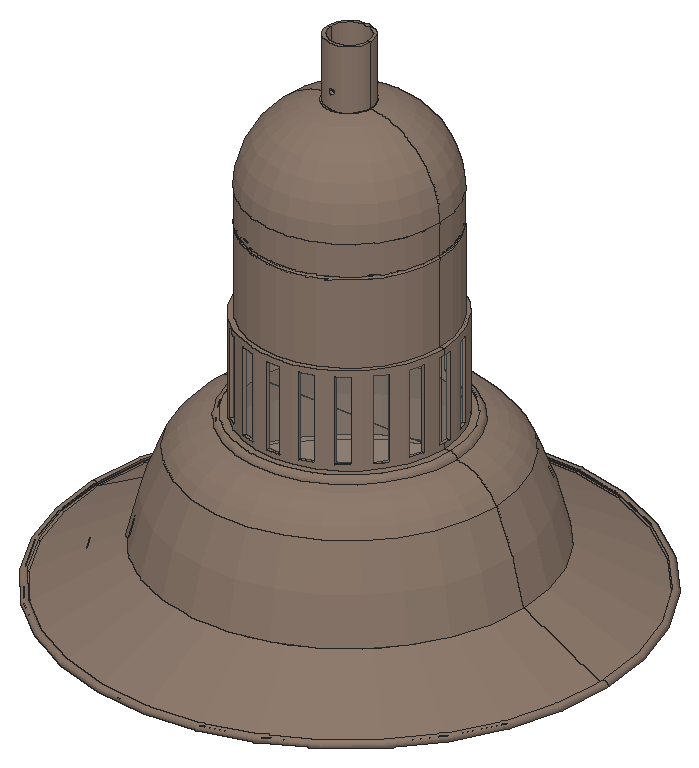
Revit family "BVB02-H", category Generic Models, Revit 2014
Parameters
  REFLECTIVE WHITE = Paint
  GLASS = Glass
  BELL = Bronze, Architectural
Reference planes (in)
  plane 1 "Center (Front/Back)": y = 0
  plane 2: z = 0
  plane 3 "Center (Left/Right)": x = 0
Forms (in)
  Revolve 1, solid, material "Bronze, Architectural" <- "BELL"
    sketch origin (0, 0, 0) x (1, 0, 0) y (0, 0, 1)
      loop
        line (-0.69, 20.44079) -> (-1.06695, 20.44079)
        arc (-1.06695, 20.44079) -> (-3.33816, 19.18833) -> (-4.24117, 16.75696) r 3.72474
        line (-4.24117, 16.75696) -> (-4.24117, 15.38747)
        arc (-4.24117, 15.38747) -> (-4.17741, 15.32371) -> (-4.24117, 15.25995) r 0.06376
        line (-4.24117, 15.25995) -> (-4.24117, 11.57876) -> (-4.11617, 11.57876) -> (-4.11617, 15.18227)
        arc (-4.11617, 15.18227) -> (-4.05241, 15.32371) -> (-4.11617, 15.46515) r 0.18876
        line (-4.11617, 15.46515) -> (-4.11617, 16.75696)
        arc (-4.11617, 16.75696) -> (-3.24646, 19.10325) -> (-1.05758, 20.31579) r 3.59974
        line (-1.05758, 20.31579) -> (-0.69, 20.31579) -> (-0.69, 20.44079)
      axis (0, 11.57876) -> (0, 20.44079)
    angle from 0 to 360
  Revolve 2, solid, material "Bronze, Architectural" <- "BELL"
    sketch origin (0, 0, 0) x (1, 0, 0) y (0, 0, 1)
      loop
        line (-0.875, 20.44079) -> (-0.875, 23.19192) -> (-1, 23.19192) -> (-1, 20.44079) -> (-0.875, 20.44079)
      axis (0, 23.19192) -> (0, 20.44079)
    angle from 0 to 360
  Extrusion 3, void
    sketch origin (0, 0, 0) x (1, 0, 0) y (0, 0, 1)
      loop
        circle (0, 21.19192) r 0.12446
    from -1.10012 to 1.11443
  Revolve 4, solid, material "Bronze, Architectural" <- "BELL"
    sketch origin (0, 0, 0) x (1, 0, 0) y (0, 0, 1)
      loop
        line (4.11617, 11.57876) -> (4.11617, 11.45376) -> (4.318, 11.45376) -> (4.318, 7.2717) -> (4.75437, 7.2717)
        arc (4.75437, 7.2717) -> (4.87736, 7.18264) -> (4.83112, 7.03801) r 0.12945
        arc (4.83112, 7.03801) -> (5.95397, 6.64895) -> (6.76132, 5.77696) r 2.44805
        arc (6.76132, 5.77696) -> (7.53656, 3.9065) -> (8.03943, 1.94519) r 14.27815
        line (8.03943, 1.94519) -> (11.69205, 0.02862)
        arc (11.69205, 0.02862) -> (11.78465, 0.00274) -> (11.87943, -0.01337) r 0.92235
        arc (11.87943, -0.01337) -> (12.04987, 0.18741) -> (11.79894, 0.26736) r 0.15823
        line (11.79894, 0.26736) -> (11.87702, 0.16974)
        arc (11.87702, 0.16974) -> (11.92971, 0.15295) -> (11.89392, 0.11079) r 0.03323
        arc (11.89392, 0.11079) -> (11.81665, 0.12368) -> (11.74102, 0.14409) r 0.79735
        line (11.74102, 0.14409) -> (8.15134, 2.02763)
        arc (8.15134, 2.02763) -> (7.64507, 3.97612) -> (6.87206, 5.83499) r 14.40315
        arc (6.87206, 5.83499) -> (6.09285, 6.70585) -> (5.00882, 7.14225) r 2.57305
        arc (5.00882, 7.14225) -> (4.93429, 7.32217) -> (4.75437, 7.3967) r 0.25445
        line (4.75437, 7.3967) -> (4.443, 7.3967) -> (4.443, 11.57876) -> (4.11617, 11.57876)
      axis (0, 11.57876) -> (0, -0.01337)
    angle from 0 to 360
  Extrusion 5, void
    sketch origin (0, 0, 0) x (1, 0, 0) y (0, 0, 1)
      loop
        line (0.3125, 11.32069) -> (-0.3125, 11.32069) -> (-0.3125, 7.63925) -> (0.3125, 7.63925) -> (0.3125, 11.32069)
    from 4.19823 to 4.54183
  Extrusion 6, void
    sketch origin (0, 0, 0) x (-1, 0, 0) y (0, 0, 1)
      loop
        line (0.3125, 11.32069) -> (-0.3125, 11.32069) -> (-0.3125, 7.63925) -> (0.3125, 7.63925) -> (0.3125, 11.32069)
    from 4.19823 to 4.54183
  Extrusion 7, void
    sketch origin (0, 0, 0) x (0.951057, 0.309017, 0) y (0, 0, 1)
      loop
        line (0.3125, 11.32069) -> (-0.3125, 11.32069) -> (-0.3125, 7.63925) -> (0.3125, 7.63925) -> (0.3125, 11.32069)
    from 4.19823 to 4.54183
  Extrusion 8, void
    sketch origin (0, 0, 0) x (-0.951057, -0.309017, 0) y (0, 0, 1)
      loop
        line (0.3125, 11.32069) -> (-0.3125, 11.32069) -> (-0.3125, 7.63925) -> (0.3125, 7.63925) -> (0.3125, 11.32069)
    from 4.19823 to 4.54183
  Extrusion 9, void
    sketch origin (0, 0, 0) x (0.809017, 0.587785, 0) y (0, 0, 1)
      loop
        line (0.3125, 11.32069) -> (-0.3125, 11.32069) -> (-0.3125, 7.63925) -> (0.3125, 7.63925) -> (0.3125, 11.32069)
    from 4.19823 to 4.54183
  Extrusion 10, void
    sketch origin (0, 0, 0) x (-0.809017, -0.587785, 0) y (0, 0, 1)
      loop
        line (0.3125, 11.32069) -> (-0.3125, 11.32069) -> (-0.3125, 7.63925) -> (0.3125, 7.63925) -> (0.3125, 11.32069)
    from 4.19823 to 4.54183
  Extrusion 11, void
    sketch origin (0, 0, 0) x (0.587785, 0.809017, 0) y (0, 0, 1)
      loop
        line (0.3125, 11.32069) -> (-0.3125, 11.32069) -> (-0.3125, 7.63925) -> (0.3125, 7.63925) -> (0.3125, 11.32069)
    from 4.19823 to 4.54183
  Extrusion 12, void
    sketch origin (0, 0, 0) x (-0.587785, -0.809017, 0) y (0, 0, 1)
      loop
        line (0.3125, 11.32069) -> (-0.3125, 11.32069) -> (-0.3125, 7.63925) -> (0.3125, 7.63925) -> (0.3125, 11.32069)
    from 4.19823 to 4.54183
  Extrusion 13, void
    sketch origin (0, 0, 0) x (0.309017, 0.951057, 0) y (0, 0, 1)
      loop
        line (0.3125, 11.32069) -> (-0.3125, 11.32069) -> (-0.3125, 7.63925) -> (0.3125, 7.63925) -> (0.3125, 11.32069)
    from 4.19823 to 4.54183
  Extrusion 14, void
    sketch origin (0, 0, 0) x (-0.309017, -0.951057, 0) y (0, 0, 1)
      loop
        line (0.3125, 11.32069) -> (-0.3125, 11.32069) -> (-0.3125, 7.63925) -> (0.3125, 7.63925) -> (0.3125, 11.32069)
    from 4.19823 to 4.54183
  Extrusion 15, void
    sketch origin (0, 0, 0) x (0, 1, 0) y (0, 0, 1)
      loop
        line (0.3125, 11.32069) -> (-0.3125, 11.32069) -> (-0.3125, 7.63925) -> (0.3125, 7.63925) -> (0.3125, 11.32069)
    from 4.19823 to 4.54183
  Extrusion 16, void
    sketch origin (0, 0, 0) x (0, -1, 0) y (0, 0, 1)
      loop
        line (0.3125, 11.32069) -> (-0.3125, 11.32069) -> (-0.3125, 7.63925) -> (0.3125, 7.63925) -> (0.3125, 11.32069)
    from 4.19823 to 4.54183
  Extrusion 17, void
    sketch origin (0, 0, 0) x (-0.309017, 0.951057, 0) y (0, 0, 1)
      loop
        line (0.3125, 11.32069) -> (-0.3125, 11.32069) -> (-0.3125, 7.63925) -> (0.3125, 7.63925) -> (0.3125, 11.32069)
    from 4.19823 to 4.54183
  Extrusion 18, void
    sketch origin (0, 0, 0) x (0.309017, -0.951057, 0) y (0, 0, 1)
      loop
        line (0.3125, 11.32069) -> (-0.3125, 11.32069) -> (-0.3125, 7.63925) -> (0.3125, 7.63925) -> (0.3125, 11.32069)
    from 4.19823 to 4.54183
  Extrusion 19, void
    sketch origin (0, 0, 0) x (-0.587785, 0.809017, 0) y (0, 0, 1)
      loop
        line (0.3125, 11.32069) -> (-0.3125, 11.32069) -> (-0.3125, 7.63925) -> (0.3125, 7.63925) -> (0.3125, 11.32069)
    from 4.19823 to 4.54183
  Extrusion 20, void
    sketch origin (0, 0, 0) x (0.587785, -0.809017, 0) y (0, 0, 1)
      loop
        line (0.3125, 11.32069) -> (-0.3125, 11.32069) -> (-0.3125, 7.63925) -> (0.3125, 7.63925) -> (0.3125, 11.32069)
    from 4.19823 to 4.54183
  Extrusion 21, void
    sketch origin (0, 0, 0) x (-0.809017, 0.587785, 0) y (0, 0, 1)
      loop
        line (0.3125, 11.32069) -> (-0.3125, 11.32069) -> (-0.3125, 7.63925) -> (0.3125, 7.63925) -> (0.3125, 11.32069)
    from 4.19823 to 4.54183
  Extrusion 22, void
    sketch origin (0, 0, 0) x (0.809017, -0.587785, 0) y (0, 0, 1)
      loop
        line (0.3125, 11.32069) -> (-0.3125, 11.32069) -> (-0.3125, 7.63925) -> (0.3125, 7.63925) -> (0.3125, 11.32069)
    from 4.19823 to 4.54183
  Extrusion 23, void
    sketch origin (0, 0, 0) x (-0.951057, 0.309017, 0) y (0, 0, 1)
      loop
        line (0.3125, 11.32069) -> (-0.3125, 11.32069) -> (-0.3125, 7.63925) -> (0.3125, 7.63925) -> (0.3125, 11.32069)
    from 4.19823 to 4.54183
  Extrusion 24, void
    sketch origin (0, 0, 0) x (0.951057, -0.309017, 0) y (0, 0, 1)
      loop
        line (0.3125, 11.32069) -> (-0.3125, 11.32069) -> (-0.3125, 7.63925) -> (0.3125, 7.63925) -> (0.3125, 11.32069)
    from 4.19823 to 4.54183
  Revolve 25, solid, material "Bronze, Architectural" <- "BELL"
    sketch origin (0, 0, 0) x (1, 0, 0) y (0, 0, 1)
      loop
        line (8.01672, 0.70974) -> (9.76672, 0.70974) -> (9.88096, 0.21489) -> (10.03667, 0.14228) -> (11.31053, 0.14228) -> (11.57961, 0.0249) -> (11.77633, 0.0249) -> (11.32628, 0.21934) -> (10.0363, 0.21934) -> (9.91648, 0.30639) -> (9.83605, 0.72018) -> (9.77847, 0.77776) -> (8.01672, 0.77776) -> (8.01672, 0.70974)
      axis (0, 0.77776) -> (0, 0.0249)
    angle from 0 to 360
  Revolve 26, solid, material "Bronze, Architectural" <- "BELL"
    sketch origin (0, 0, 0) x (1, 0, 0) y (0, 0, 1)
      loop
        line (9.70914, 0.14193) -> (9.70914, 0.5233) -> (8.51898, 0.5233) -> (8.51898, 0.08116) -> (8.01739, 0.08116) -> (8.01739, -0.17329) -> (8.63794, -0.17329) -> (8.63794, 0.14193) -> (9.70914, 0.14193)
      axis (0, 0.5233) -> (0, -0.17329)
    angle from 0 to 360
  Revolve 27, solid, material "Glass" <- "GLASS"
    sketch origin (0, 0, 0) x (1, 0, 0) y (0, 0, 1)
      loop
        line (8.39982, 0.20856) -> (0, 0.20856) -> (0, 0.0721) -> (8.39982, 0.0721) -> (8.39982, 0.20856)
      axis (0, 0.20856) -> (0, 0.0721)
    angle from 0 to 360
  Revolve 28, solid, material "Glass" <- "GLASS"
    sketch origin (0, 0, 0) x (1, 0, 0) y (0, 0, 1)
      loop
        line (4.318, 7.2717) -> (4.318, 11.45376) -> (0, 11.45376) -> (0, 7.2717) -> (4.318, 7.2717)
      axis (0, 11.45376) -> (0, 7.2717)
    angle from 0 to 360
Cuts and joins
  Extrusion 3 cuts Revolve 2
  Extrusion 5, Extrusion 6, Extrusion 7, Extrusion 8, Extrusion 9, Extrusion 10, Extrusion 11, Extrusion 12, Extrusion 13, Extrusion 14, Extrusion 15, Extrusion 16, Extrusion 17, Extrusion 18, Extrusion 19, Extrusion 20, Extrusion 21, Extrusion 22, Extrusion 23, Extrusion 24 cuts Revolve 4
Dimensions and locks (in)
  aligned and locked: plane 2 to level
